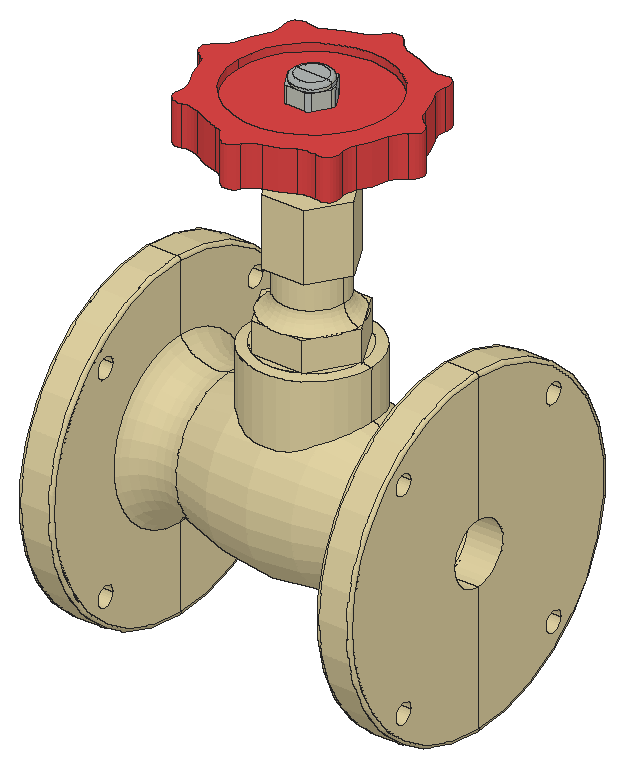
Revit family "DA04150000", category Apparecchi idraulici, Revit 2020
Family settings
  Quota connettore circolare = Usa diametro
  Tipo di parte = Normale
  Numero OmniClass = 23.45.00.00
  Titolo OmniClass = Sanitary, Laundry, and Cleaning Equipment
  Basato su piano di lavoro = No
  Sempre verticale = Sì
  Taglio con vuoti quando caricato = No
  Condiviso = No
  Punto di calcolo locali = No
Parameters
  URL = "https://web.cimberio.com/index.php/figura/7?subcategoria_id="
  Temperatura di esercizio = "-10 ÷ 170°C"
  Prospetto di default = 0 mm
  Produttore = "CIMBERIO SPA"
  Pressione nominale = "PN 16"
  Modello = "Cim *76PN10"
  Materiale = "Prodotto in lega di bronzo conforme alla norma EN 1982-CC491K"
  Descrizione = "Utilizzato nei più svariati settori dell’impiantistica ed in ogni applicazione industriale ed agricola dove è richiesta una regolazione: impianti di riscaldamento, idrici, igienico sanitari, aria compressa, reti di distribuzione vapore saturo, olii, benzine, petrolio ed altri idrocarburi e in generale con ogni fluido non corrosivo"
  DN Model [instance] = DA04153110 : DA04153110
  DN [instance] = 16 mm
  Commenti sul tipo = "Realizzato in ottemperanza ai requisiti gestionali della norma EN ISO 9001.\r\nCollaudato al 100% secondo la normativa EN 12266-1"
Reference planes
  plane 1 "Centro (Fronte/Retro)": y = 0
  plane 2: z = 0
  plane 3 "Centro (Sinistra/Destra)": x = 0
Dimensions and locks
  aligned and locked: level to plane 2
Nested families
  nested 1: "DA04153110" at (0, 0, 0), type <- "DN Model", type "DA04153110"
  nested 2: "DA04153110" at (0, 0, 0), type <- "DN Model", type "DA04153110"
  nested 3: "DA04153110" at (0, 0, 0), type <- "DN Model", type "DA04153110"
  nested 4: "DA04153110" at (0, 0, 0), type <- "DN Model", type "DA04153110"
  nested 5: "DA04153110" at (0, 0, 0), type <- "DN Model", type "DA04153110"
  nested 6: "DA04153110" at (0, 0, 0), type <- "DN Model", type "DA04153110"
  nested 7: "DA04153110" at (0, 0, 0), type <- "DN Model", type "DA04153110"
  nested 8: "DA04153110" at (0, 0, 0), type <- "DN Model", type "DA04153110"
  nested 9: "DA04153110" at (0, 0, 0), type <- "DN Model", type "DA04153110"
Connectors
  piping at (41.407, 0, 0), diameter 16, driven by "DN"
    settings: on nested 1, index 1, connector inside diameter 609.6 mm, connector length 0 mm, flow factor 0, pipe flow 0.0 L/s, pressure drop 0.0 Pa, fitting loss kfactor 0, connector angle 0.00°, fixture units 0, engagement length 0 mm, angle of deflection 0.00°, flow configuration 0, flow direction 0, fitting loss method 0, system type 7, joint type 0, gender type 0, connector reference index -1, connector utility 0, adjustable connector no, is connector primary yes, connector description ""
  piping at (-41.232, 0, 0), diameter 16, driven by "DN"
    settings: on nested 1, index 2, connector inside diameter 609.6 mm, connector length 0 mm, flow factor 0, pipe flow 0.0 L/s, pressure drop 0.0 Pa, fitting loss kfactor 0, connector angle 0.00°, fixture units 0, engagement length 0 mm, angle of deflection 0.00°, flow configuration 0, flow direction 0, fitting loss method 0, system type 7, joint type 0, gender type 0, connector reference index -1, connector utility 0, adjustable connector no, is connector primary no, connector description ""
Definition of nested family "DA04153110"
  Parameters (values of type "DA04153110")
    Default Elevation = 0 mm
  Reference planes
    plane 1 "Centro (Fronte/Retro)": y = 0
    plane 2: z = 0
    plane 3 "Centro (Sinistra/Destra)": x = 0
  Forms (mm)
    Revolve 1, solid
      sketch origin (0, 0, 0) x (1, 0, 0) y (0, 0, 1)
        loop
          line (33.343, -7.5) -> (-32.983, -7.5) -> (-32.983, -19.288)
          arc (-32.983, -19.288) -> (-27.734, -14.585) -> (-20.687, -14.614) r 9.811
          arc (-20.687, -14.614) -> (0, -18.5) -> (20.687, -14.614) r 57
          arc (20.687, -14.614) -> (28.136, -14.748) -> (33.343, -20.077) r 9.811
          line (33.343, -20.077) -> (33.343, -7.5)
        axis (-32.983, 2) -> (33.343, 2)
      angle from 0 to 360
    Revolve 2, solid
      sketch origin (0, 0, 0) x (1, 0, 0) y (0, 0, 1)
        loop
          line (-15, 4.172) -> (0, 4.172) -> (0, 32.573) -> (-12.5, 32.573) -> (-15, 32.132) -> (-15, 4.172)
        axis (0, 32.573) -> (0, 4.172)
      angle from 0 to 360
    Extrusion 3, solid
      sketch origin (0, 0, 0) x (0, -1, 0) y (1, 0, 0)
        loop
          line (0, 12.5) -> (-10.825, 6.25) -> (-10.825, -6.25) -> (0, -12.5) -> (10.825, -6.25) -> (10.825, 6.25) -> (0, 12.5)
      from 32.132 to 39.804
    Revolve 4, solid
      sketch origin (0, 0, 3.5) x (1, 0, 0) y (0, 0, 1)
        loop
          line (0, 47.5) -> (-7.95, 47.5) -> (-8.019, 40.572)
          arc (-8.019, 40.572) -> (-9.032, 37.961) -> (-11.29, 36.304) r 5
          line (-11.29, 36.304) -> (0, 36.304) -> (0, 47.5)
        axis (0, 47.5) -> (0, 36.304)
      angle from 0 to 360
    Extrusion 5, solid
      sketch origin (0, 0, 0) x (0, -1, 0) y (1, 0, 0)
        loop
          line (0, -10.4) -> (9.007, -5.2) -> (9.007, 5.2) -> (0, 10.4) -> (-9.007, 5.2) -> (-9.007, -5.2) -> (0, -10.4)
      from 51 to 67.5
    Revolve 6, solid
      sketch origin (0, 0, 12.019) x (1, 0, 0) y (0, 0, 1)
        loop
          line (-8.5, 67) -> (-8.5, 65.001)
          arc (-8.5, 65.001) -> (-8.353, 64.647) -> (-7.999, 64.5) r 0.501
          line (-7.999, 64.5) -> (-4, 64.5) -> (-4, 52.626) -> (0, 52.626) -> (0, 67) -> (-8.5, 67)
        axis (0, 67) -> (0, 52.626)
      angle from 0 to 360
    Extrusion 7, solid
      sketch origin (0, 0, 9.019) x (0.98263, 0.185575, 0) y (-0.185575, 0.98263, 0)
        loop
          spline (-12.624, 22.54) -> (-13.213, 22.77) -> (-13.791, 22.909) -> (-14.346, 22.954) -> (-14.868, 22.904) -> (-15.347, 22.761) -> (-15.773, 22.527) -> (-16.139, 22.206) -> (-16.438, 21.805) -> (-16.663, 21.332) -> (-16.81, 20.794) -> (-16.877, 20.204) -> (-16.863, 19.572)
          arc (-16.863, 19.572) -> (-17.081, 17.552) -> (-18.08, 15.783) r 5.029
          arc (-18.08, 15.783) -> (-20.241, 12.895) -> (-21.945, 9.716) r 24
          arc (-21.945, 9.716) -> (-23.126, 8.063) -> (-24.865, 7.011) r 5.029
          spline (-24.865, 7.011) -> (-25.444, 6.757) -> (-25.951, 6.447) -> (-26.375, 6.086) -> (-26.709, 5.682) -> (-26.946, 5.242) -> (-27.082, 4.775) -> (-27.114, 4.29) -> (-27.042, 3.795) -> (-26.866, 3.301) -> (-26.591, 2.817) -> (-26.221, 2.352) -> (-25.763, 1.916)
          arc (-25.763, 1.916) -> (-24.489, 0.333) -> (-23.945, -1.624) r 5.029
          arc (-23.945, -1.624) -> (-23.431, -5.195) -> (-22.388, -8.648) r 24
          arc (-22.388, -8.648) -> (-22.054, -10.652) -> (-22.54, -12.624) r 5.029
          spline (-22.54, -12.624) -> (-22.77, -13.213) -> (-22.909, -13.791) -> (-22.954, -14.346) -> (-22.904, -14.868) -> (-22.761, -15.347) -> (-22.527, -15.773) -> (-22.206, -16.139) -> (-21.805, -16.438) -> (-21.332, -16.663) -> (-20.794, -16.81) -> (-20.204, -16.877) -> (-19.572, -16.863)
          arc (-19.572, -16.863) -> (-17.552, -17.081) -> (-15.783, -18.08) r 5.029
          arc (-15.783, -18.08) -> (-12.895, -20.241) -> (-9.716, -21.945) r 24
          arc (-9.716, -21.945) -> (-8.081, -23.106) -> (-7.03, -24.813) r 5.029
          spline (-7.03, -24.813) -> (-6.779, -25.402) -> (-6.471, -25.918) -> (-6.111, -26.351) -> (-5.706, -26.693) -> (-5.265, -26.937) -> (-4.795, -27.079) -> (-4.307, -27.115) -> (-3.809, -27.045) -> (-3.312, -26.871) -> (-2.824, -26.595) -> (-2.356, -26.223) -> (-1.916, -25.763)
          arc (-1.916, -25.763) -> (-0.333, -24.489) -> (1.624, -23.945) r 5.029
          arc (1.624, -23.945) -> (5.195, -23.431) -> (8.648, -22.388) r 24
          arc (8.648, -22.388) -> (10.624, -22.053) -> (12.575, -22.516) r 5.029
          spline (12.575, -22.516) -> (13.172, -22.757) -> (13.759, -22.903) -> (14.323, -22.954) -> (14.854, -22.907) -> (15.341, -22.764) -> (15.773, -22.527) -> (16.144, -22.201) -> (16.445, -21.793) -> (16.671, -21.31) -> (16.816, -20.763) -> (16.879, -20.161) -> (16.858, -19.518)
          arc (16.858, -19.518) -> (17.089, -17.526) -> (18.08, -15.783) r 5.029
          arc (18.08, -15.783) -> (20.241, -12.895) -> (21.945, -9.716) r 24
          arc (21.945, -9.716) -> (23.106, -8.081) -> (24.813, -7.03) r 5.029
          spline (24.813, -7.03) -> (25.406, -6.777) -> (25.924, -6.466) -> (26.359, -6.103) -> (26.701, -5.694) -> (26.944, -5.249) -> (27.082, -4.775) -> (27.114, -4.283) -> (27.038, -3.781) -> (26.856, -3.281) -> (26.572, -2.791) -> (26.191, -2.321) -> (25.721, -1.881)
          arc (25.721, -1.881) -> (24.477, -0.309) -> (23.945, 1.624) r 5.029
          arc (23.945, 1.624) -> (23.431, 5.195) -> (22.388, 8.648) r 24
          arc (22.388, 8.648) -> (22.053, 10.624) -> (22.516, 12.575) r 5.029
          spline (22.516, 12.575) -> (22.757, 13.172) -> (22.903, 13.759) -> (22.954, 14.323) -> (22.907, 14.854) -> (22.764, 15.341) -> (22.527, 15.773) -> (22.201, 16.144) -> (21.793, 16.445) -> (21.31, 16.671) -> (20.763, 16.816) -> (20.161, 16.879) -> (19.518, 16.858)
          arc (19.518, 16.858) -> (17.526, 17.089) -> (15.783, 18.08) r 5.029
          arc (15.783, 18.08) -> (12.895, 20.241) -> (9.716, 21.945) r 24
          arc (9.716, 21.945) -> (8.063, 23.126) -> (7.011, 24.865) r 5.029
          spline (7.011, 24.865) -> (6.755, 25.448) -> (6.442, 25.957) -> (6.078, 26.383) -> (5.67, 26.717) -> (5.227, 26.953) -> (4.755, 27.086) -> (4.266, 27.113) -> (3.768, 27.035) -> (3.271, 26.852) -> (2.784, 26.568) -> (2.318, 26.188) -> (1.881, 25.721)
          arc (1.881, 25.721) -> (0.309, 24.477) -> (-1.624, 23.945) r 5.029
          arc (-1.624, 23.945) -> (-5.195, 23.431) -> (-8.648, 22.388) r 24
          arc (-8.648, 22.388) -> (-10.652, 22.054) -> (-12.624, 22.54) r 5.029
      from 70 to 79.915
    Extrusion 8, void
      sketch origin (0, 0, 9.019) x (1, 0, 0) y (0, 1, 0)
        loop
          circle (0, 0) r 18.5
      from 78 to 80.921
    Extrusion 9, solid
      sketch origin (0.001, 0, 9.019) x (0.934965, 0.354741, 0) y (-0.354741, 0.934965, 0)
        loop
          line (-1.377, 5.329) -> (-4.94, 2.419)
          arc (-4.94, 2.419) -> (-5.249, 1.991) -> (-5.302, 1.465) r 1.021
          line (-5.302, 1.465) -> (-4.565, -3.074)
          arc (-4.565, -3.074) -> (-4.349, -3.551) -> (-3.924, -3.858) r 1.012
          line (-3.924, -3.858) -> (0.37, -5.486)
          arc (0.37, -5.486) -> (0.9, -5.54) -> (1.387, -5.321) r 1.03
          line (1.387, -5.321) -> (4.931, -2.427)
          arc (4.931, -2.427) -> (5.246, -1.989) -> (5.3, -1.452) r 1.042
          line (5.3, -1.452) -> (4.567, 3.058)
          arc (4.567, 3.058) -> (4.346, 3.549) -> (3.909, 3.863) r 1.04
          line (3.909, 3.863) -> (-0.382, 5.491)
          arc (-0.382, 5.491) -> (-0.901, 5.543) -> (-1.377, 5.329) r 1.007
      from 78 to 82
    Revolve 10, solid
      sketch origin (0, 0, 8.525) x (1, 0, 0) y (0, 0, 1)
        loop
          line (0, 83.994) -> (0, 81.954) -> (4.75, 81.954) -> (4.75, 82.994)
          arc (4.75, 82.994) -> (4.457, 83.701) -> (3.75, 83.994) r 1
          line (3.75, 83.994) -> (0, 83.994)
        axis (0, 83.994) -> (0, 81.954)
      angle from 0 to 360
    Revolve 11, solid
      sketch origin (-6.732, 0, 0) x (1, 0, 0) y (0, 0, 1)
        loop
          line (-34.5, 39.192) -> (-34.5, 7.5) -> (-26, 7.5) -> (-26, 39.165)
          arc (-26, 39.165) -> (-26.244, 39.756) -> (-26.835, 40) r 0.835
          line (-26.835, 40) -> (-33.692, 40)
          arc (-33.692, 40) -> (-34.263, 39.763) -> (-34.5, 39.192) r 0.808
        axis (-34.5, 0) -> (-26, 0)
      angle from 0 to 360
    Revolve 12, solid
      sketch origin (6.907, 0, 0) x (-1, 0, 0) y (0, 0, 1)
        loop
          line (-34.5, 39.192) -> (-34.5, 7.5) -> (-26, 7.5) -> (-26, 39.165)
          arc (-26, 39.165) -> (-26.244, 39.756) -> (-26.835, 40) r 0.835
          line (-26.835, 40) -> (-33.692, 40)
          arc (-33.692, 40) -> (-34.263, 39.763) -> (-34.5, 39.192) r 0.808
        axis (-34.5, 0) -> (-26, 0)
      angle from 0 to 360
    Extrusion 13, void
      sketch origin (0, 0, 0) x (0, 1, 0) y (0, 0, 1)
        loop
          circle (23.327, 25.489) r 2.5
        loop
          circle (-23.327, 25.489) r 2.5
        loop
          circle (23.327, -25.489) r 2.5
        loop
          circle (-23.327, -25.489) r 2.5
      from -66.198 to 100
  Cuts and joins
    Extrusion 8 cuts Extrusion 7
    Extrusion 13 cuts Revolve 11
    Extrusion 13 cuts Revolve 12
  Dimensions and locks
    aligned and locked: level to plane 2
